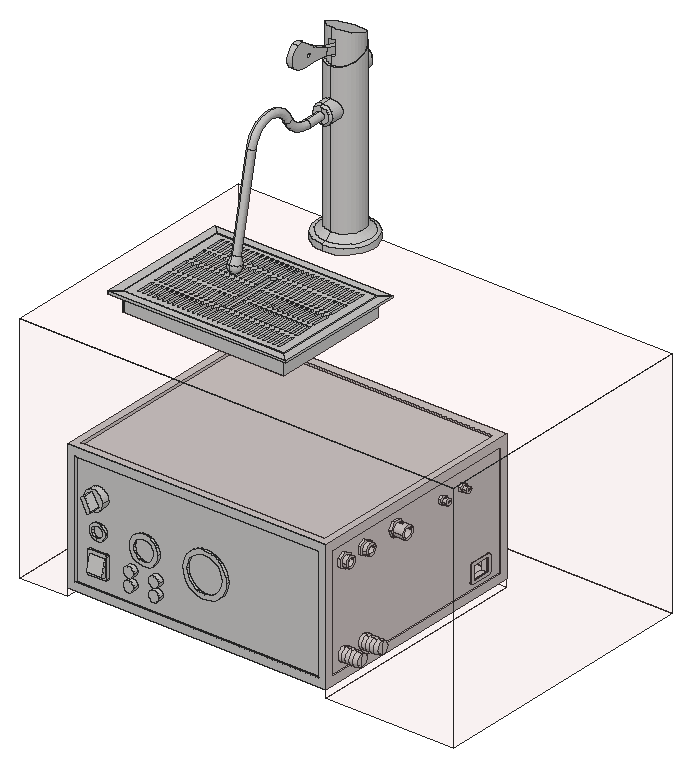
Revit family "1LA-MARZOCCO_MODBAR_STEAM", category Specialty Equipment, host Face, Revit 2017
Family settings
  Host = Face
  Round Connector Dimension = Use Diameter
  Part Type = Normal
  Cut with Voids When Loaded = No
  Shared = No
  Room Calculation Point = Yes
Parameters (values of type "MODBAR_STEAM_1-TAP_220V")
  WATTAGE = 3600 W
  WASTE OUTLET = "Open gravity drain of minimum 1 1/2'' interior diameter within 5 feet of module(s). Drain must be located lower than the bottom-most module in your Modbar system. There should be no less than 1'' per foot downward slope in drain line."
  VOLTAGE = 220 V
  Type Code = 1
  TECHNICAL SHEET = "https://modbar.com/wp-content/uploads/2019/06/modbar-preinstall-specs-steam-v4.2.pdf"
  TAP_2_DISTANCE_REAL [instance] = if(F < (MAX RADIUS TAP MODULE + 1 mm), TAP 2 DISTANCE, (((MODULE Z OFFSET - 180 mm) / (tan(asin((MODULE Z OFFSET - 180 mm) / MAX RADIUS TAP MODULE)))) + MODULE_X_OFFSET_REAL + 220 mm))  # 350 mm
  TAP_2_OFFSET_REAL [instance] = if(G < (MAX RADIUS TAP MODULE + 1 mm), TAP 2 OFFSET, 0 mm)  # 0 mm
  TAP WIDTH = 89 mm
  TAP HEIGHT = 315 mm
  TAP DEPTH = 285 mm
  TAP 2 = Type Code = 2  # no
  Service [instance] = if(TAP 2, MODULE Z OFFSET, 50 mm)  # 50 mm
  URL = "https://it.lamarzocco.com/"
  TAP 2 OFFSET [instance] = 0 mm
  TAP 2 DISTANCE [instance] = 350 mm
  SPECIFICATION BY USER = ""
  SPECIFICATION BY MANUFACTURER = ""
  SMACNA No = ""
  SHOW NOTES [instance] = yes
  SHOW CLEARANCE [instance] = yes
  SERIAL NUMBER = ""
  SEISMIC RATING = ""
  REVISION CODE = ""
  REQUIRED MODULE CLEARANCE = "Min W711 x D457 x H368 mm"
  PRODUCT SHEET = "https://www.archiproducts.com/en/products/modbar/steam-tap-steams_398832"
  PHASE = "1"
  NUMBER OF POLES = 1
  NAFEM SPEC ID NUMBER = ""
  Manufacturer = "LA MARZOCCO"
  MODULE_Y_OFFSET_REAL [instance] = if(D < (MAX RADIUS TAP MODULE + 1 mm), MODULE Y OFFSET, sqrt(B ^ 2 - MODULE_X_OFFSET_REAL ^ 2))  # 0 mm
  MODULE_X_OFFSET_REAL [instance] = if(C < (MAX RADIUS TAP MODULE + 1 mm), MODULE X OFFSET, (MODULE Z OFFSET / (tan(asin(MODULE Z OFFSET / MAX RADIUS TAP MODULE))) - 15 mm))  # 0 mm
  MODULE WIDTH = 432 mm
  Model = "Modbar Steam"
  MODULE Z OFFSET [instance] = 450 mm
  MODULE Y OFFSET [instance] = 0 mm
  MODULE X OFFSET [instance] = 0 mm
  MODULE HEIGHT = 216 mm
  MODULE DEPTH = 381 mm
  MAX RADIUS TAP MODULE [instance] = 500 mm  # constant formula
  MASTERSPEC = ""
  ITEM NUMBER [instance] = ""
  INSTALLED BY = ""
  INDIRECT WASTE SIZE = 3/4"
  IDENTIFY QUANTITY AS LOT = yes
  G [instance] = MODULE Z OFFSET / (sin(atan(MODULE Z OFFSET / (E + 1 mm))))  # 468.68 mm
  F [instance] = (MODULE Z OFFSET - 180 mm) / (sin(atan((MODULE Z OFFSET - 180 mm) / (TAP 2 DISTANCE - MODULE_X_OFFSET_REAL - 220 mm))))  # 299.666 mm
  FURNISHED BY = ""
  FOODSERVICE EQUIPMENT IDENTIFIER = yes
  ELECTRICIAN SPECIFICATIONS = "All modules will be supplied with a NEMA 6-20P plug end on the power cord. Receptacle should be no further than 5 feet from the modules, with the electrician responsible for installation of NEMA 6-20R."
  E [instance] = sqrt((TAP_2_DISTANCE_REAL - MODULE_X_OFFSET_REAL - 220 mm) ^ 2 + (TAP 2 OFFSET - MODULE_Y_OFFSET_REAL) ^ 2)  # 130 mm
  Default Elevation = 1219.2 mm
  Description = "Espresso Machine"
  DRAIN CONNECTION = "Drain connection is two (2) male 3/4\" barb connections. Required 3/4\" armored drain hose (5 feet and tee) is included with your system."
  D [instance] = MODULE Z OFFSET / (sin(atan(MODULE Z OFFSET / (A + 1 mm))))  # 450.001 mm
  CUT HOLE TEMPLATE = "https://modbar.com/wp-content/uploads/2019/01/D.7.004.EN_Template_cutting_MODBAR-NEW-STEAM_V1.1-1-1.pdf"
  CUT HOLE DIMENSION = "190x260 mm (max 195x270 mm) - Tap: Ø38.1 mm (max Ø42 mm)"
  CSI MASTERFORMAT = ""
  COLD WATER SIZE = 0.37402"
  COLD WATER PRESSURE = "Min 3 bar / Max 5 bar"
  COLD WATER FLOW = 8.0 L/min
  C [instance] = MODULE Z OFFSET / (sin(atan(MODULE Z OFFSET / (MODULE X OFFSET + 15 mm))))  # 450.25 mm
  BIM USER MANUAL = "https://img.edilportale.com/bim/LA-MARZOCCO-MODBAR-BIM-USER-MANUAL-Modbar-bim.pdf"
  BIM BADGE = "https://bim.archiproducts.com/en/badge/bim-archiproducts-featured_658700/about"
  BIM AUTHOR = "https://bim.archiproducts.com/"
  B [instance] = if(1 < 2, sqrt(MAX RADIUS TAP MODULE ^ 2 - MODULE Z OFFSET ^ 2), 1 mm)  # 217.945 mm
  AMPERAGE = 20 A
  A [instance] = sqrt(MODULE_X_OFFSET_REAL ^ 2 + MODULE Y OFFSET ^ 2)  # 0 mm
Reference planes
  plane 1 "Center (Front/Back)": y = 0
  plane 2: z = 0
  plane 3 "Center (Left/Right)": x = 0
  plane 4: x = 350
  plane 5: z = -234
  plane 6: z = 166
  plane 7: z = 216
  plane 8: y = -91.96
  plane 9: y = -281.96
  plane 10: x = 480.2
  plane 11: x = 220.2
  plane 12: y = 0
  plane 13: y = 0
  plane 14: y = -291.55
Forms (mm)
  Extrusion 1, void
    sketch origin (-816.609, -230.76, 0) x (1, 0, 0) y (0, 1, 0)
      loop
        line (686.809, 138.8) -> (686.809, -51.2) -> (946.809, -51.2) -> (946.809, 138.8) -> (686.809, 138.8)
    from -234 to 216
  Extrusion 2, void
    sketch origin (-466.609, -230.76, 0) x (1, 0, 0) y (0, 1, 0)
      loop
        line (686.809, 138.8) -> (686.809, -51.2) -> (946.809, -51.2) -> (946.809, 138.8) -> (686.809, 138.8)
    from 166 to 216
  Extrusion 3, void
    sketch origin (0, 0, 0) x (1, 0, 0) y (0, 1, 0)
      loop
        circle (0, 0) r 19.05
    from -234 to 216
  Extrusion 4, void
    sketch origin (350, 0, 0) x (1, 0, 0) y (0, 1, 0)
      loop
        circle (0, 0) r 19.05
    from 166 to 216
  Extrusion 5, void
    sketch origin (0, 0, 0) x (1, 0, 0) y (0, 1, 0)
      loop
        circle (301.612, -235.502) r 37.5
    from -600 to -200.047
Lines and regions (mm)
  symbolic lines, style "QF_Clearances", visible <- "SHOW CLEARANCE"
    curve 1: line (-278.2, -291.55, 0) -> (-278.2, 139.05, 0)
    curve 2: line (-278.2, -291.55, 0) -> (403.2, -291.55, 0)
    curve 3: line (403.2, 139.05, 0) -> (-278.2, 139.05, 0)
    curve 4: line (403.2, -291.55, 0) -> (403.2, 139.05, 0)
Dimensions and locks
  "TAP_2_DISTANCE_REAL": plane 3 "Center (Left/Right)" to plane 4
  "MODULE Z OFFSET": plane 2 to nested 3
  "TAP_2_OFFSET_REAL": nested 2 to plane 1 "Center (Front/Back)"
  locked: plane 7 to plane 2 at 216
  "MODULE Z OFFSET": plane 7 to plane 5
  "Service": plane 7 to plane 6
  locked: plane 9 to plane 8 at 190
  plane 11 to plane 4 to plane 10 = 129.8 mm locked, 130.2 mm locked
  locked: plane 8 to plane 12 at 91.96
  "TAP 2 OFFSET": plane 12 to plane 1 "Center (Front/Back)"
  "TAP 2 OFFSET": plane 1 "Center (Front/Back)" to plane 13
  locked: nested 3 to Extrusion 5 sketch curve at 301.612
  locked: nested 3 to Extrusion 5 sketch curve at 110.322
  locked: nested 3 to Extrusion 5 at 150
  "MODULE_X_OFFSET_REAL": plane 3 "Center (Left/Right)" to nested 3
  locked: plane 14 to plane 1 "Center (Front/Back)" at 291.55
  locked: nested 3 to nested 4 at 300
  locked: Extrusion 5 to nested 3 at 249.953
  "MODULE_Y_OFFSET_REAL": nested 3 to plane 14
  aligned and locked: plane 2 to host face
  aligned and locked: level to host face
  aligned and locked: plane 3 "Center (Left/Right)" to nested 1
  aligned and locked: plane 1 "Center (Front/Back)" to nested 1
  aligned and locked: plane 4 to nested 2
  aligned and locked: plane 7 to Extrusion 1
  aligned and locked: Extrusion 1 to plane 7
  aligned and locked: plane 7 to Extrusion 2
  aligned and locked: Extrusion 2 to plane 6
  aligned and locked: Extrusion 1 to plane 5
  aligned and locked: plane 7 to Extrusion 3
  aligned and locked: plane 7 to Extrusion 4
  aligned and locked: Extrusion 4 to plane 6
  aligned and locked: Extrusion 3 to plane 5
  aligned and locked: plane 13 to Extrusion 4 sketch curve
  aligned and locked: plane 4 to Extrusion 4 sketch curve
  aligned and locked: curve 1 to nested 3
  aligned and locked: nested 3 to curve 2
  aligned and locked: curve 4 to nested 3
  aligned and locked: nested 3 to nested 4
  aligned and locked: curve 3 to nested 3
Automatic sketch dimensions
  Extrusion 1 sketch curve to plane 3 "Center (Left/Right)" = 129.8 mm
  plane 3 "Center (Left/Right)" to Extrusion 1 sketch curve = 130.2 mm
  plane 1 "Center (Front/Back)" to Extrusion 1 sketch curve = 281.96 mm
  plane 1 "Center (Front/Back)" to Extrusion 1 sketch curve = 91.96 mm
  plane 1 "Center (Front/Back)" to Extrusion 3 sketch curve = 0 mm
  Extrusion 3 sketch curve to plane 3 "Center (Left/Right)" = 0 mm
  host sketch curve to host sketch curve = 1000 mm  (x2)
  plane 9 to Extrusion 2 sketch curve = 0 mm
  Extrusion 2 sketch curve to plane 11 = 0 mm
  Extrusion 2 sketch curve to plane 10 = 0 mm
  plane 8 to Extrusion 2 sketch curve = 0 mm
  radius of Extrusion 3 sketch curve = 19.05 mm
  radius of Extrusion 5 sketch curve = 37.5 mm
  radius of Extrusion 4 sketch curve = 19.05 mm
Nested families
  nested 1: "CG_MODBAR_MODBAR STEAM_STEAM SYSTEM" at (-44.45, 44.45, 0), type "CG_MODBAR_MODBAR STEAM_STEAM SYSTEM"
  nested 2: "CG_MODBAR_MODBAR STEAM_STEAM SYSTEM" at (305.55, 44.45, 0), visible <- "TAP 2", type "CG_MODBAR_MODBAR STEAM_STEAM SYSTEM"
  nested 3: "CG_LA MARZOCCO_STEAM SYSTEM BOX 2" at (-203.2, 64.05, -450), Show Clearance <- "SHOW CLEARANCE", type "CG_LA MARZOCCO_STEAM SYSTEM BOX 2"
    with Show Clearance yes
  nested 4: "Note" at (0, 8.45, 0), visible <- "SHOW NOTES", type "Note"
Connectors
  electrical at (200.025, 12.59, -401.13), driven by "NUMBER OF POLES", driven by "VOLTAGE", driven by "WATTAGE"
    settings: on nested 3, index 1, voltage 220 V, apparent load 3600 VA, apparent load phase1 0 VA, apparent load phase2 0 VA, apparent load phase3 0 VA, power factor 1, load classification "Power", number of poles 1, system type 30, power factor state 1, is connector primary yes, connector utility no, sub classification motor no, connector description "Electrical Connection"
  piping at (205.564, -154.247, -270.308), diameter 9.5, driven by "COLD WATER SIZE", driven by "COLD WATER FLOW"
    settings: on nested 3, index 2, connector inside diameter 24", connector length 0 mm, flow factor 0, pipe flow 8.0 L/min, pressure drop 0.0 Pa, fitting loss kfactor 0, connector angle 0.00°, fixture units 0, engagement length 0 mm, angle of deflection 0.00°, flow configuration 1, flow direction 1, fitting loss method 0, system type 20, joint type 0, gender type 0, connector reference index -1, connector utility 0, adjustable connector no, is connector primary yes, connector description "Cold Water Connection"
  piping at (200.025, -255.652, -402.571), diameter 19.05, driven by "INDIRECT WASTE SIZE"
    settings: on nested 3, index 3, connector inside diameter 24", connector length 0 mm, flow factor 0, pipe flow 0.0 L/min, pressure drop 0.0 Pa, fitting loss kfactor 0, connector angle 0.00°, fixture units 0, engagement length 0 mm, angle of deflection 0.00°, flow configuration 1, flow direction 2, fitting loss method 0, system type 16, joint type 0, gender type 0, connector reference index -1, connector utility 0, adjustable connector no, is connector primary no, connector description "Drain Connection"
  piping at (200.025, -215.353, -402.571), diameter 19.05, driven by "INDIRECT WASTE SIZE"
    settings: on nested 3, index 4, connector inside diameter 24", connector length 0 mm, flow factor 0, pipe flow 0.0 L/min, pressure drop 0.0 Pa, fitting loss kfactor 0, connector angle 0.00°, fixture units 0, engagement length 0 mm, angle of deflection 0.00°, flow configuration 1, flow direction 2, fitting loss method 0, system type 16, joint type 0, gender type 0, connector reference index -1, connector utility 0, adjustable connector no, is connector primary no, connector description "Drain Connection"
  piping at (0.2, -186.96, -40.005), diameter 30
    settings: on nested 1, index 5, connector inside diameter 24", connector length 0 mm, flow factor 0, pipe flow 0.0 L/min, pressure drop 0.0 Pa, fitting loss kfactor 0, connector angle 0.00°, fixture units 0, engagement length 0 mm, angle of deflection 0.00°, flow configuration 1, flow direction 2, fitting loss method 0, system type 16, joint type 0, gender type 0, connector reference index -1, connector utility 0, adjustable connector no, is connector primary no, connector description ""
Definition of nested family "CG_MODBAR_MODBAR STEAM_STEAM SYSTEM"
  Parameters (values of type "CG_MODBAR_MODBAR STEAM_STEAM SYSTEM")
    Model = "MODBAR STEAM"
    Manufacturer = "MODBAR"
    Length = 88.9 mm
    Height = 314.96 mm
    Description = "STEAM SYSTEM"
    Depth = 271.78 mm
  Reference planes
    plane 1 "BACK": y = 0
    plane 2: z = 0
    plane 3 "LEFT": x = 0
    plane 4 "RIGHT": x = 88.9
    plane 5 "FRONT": y = -271.78
    plane 6 "TOP": z = 314.96
    plane 7 "Center Y": x = 44.45
    plane 8 "Center X": y = -135.89
    plane 9: z = 307.34
    plane 10: y = -231
    plane 11: y = -44.45
  Forms (mm)
    Revolve 1, solid, detail levels fine
      sketch origin (44.45, 0, 0) x (0, 1, 0) y (0, 0, 1)
        loop
          line (-44.45, 0) -> (-44.45, 278.48) -> (-72.668, 278.48) -> (-72.668, 20.829)
          arc (-72.668, 20.829) -> (-77.566, 15.866) -> (-83.145, 11.681) r 47.034
          arc (-83.145, 11.681) -> (-86.387, 11.121) -> (-88.9, 8.997) r 6.275
          line (-88.9, 8.997) -> (-88.9, 0) -> (-44.45, 0)
        axis (-44.45, 278.48) -> (-44.45, 0)
      angle from 0 to 360
    Extrusion 2, void
      sketch origin (44.45, 0, 0) x (0, 1, 0) y (0, 0, 1)
        loop
          line (-78.74, 250.505) -> (-10.471, 280.9) -> (-10.471, 287.25) -> (-78.74, 287.25) -> (-78.74, 250.505)
      from -39.09 to 39.428
    Revolve 3, solid, detail levels fine
      sketch origin (44.45, 0, 0) x (0, 1, 0) y (0, 0, 1)
        loop
          line (-70.1, 250.352) -> (-44.104, 250.352) -> (-44.104, 308.707) -> (-70.1, 308.707) -> (-70.1, 250.352)
        axis (-44.104, 308.707) -> (-44.104, 250.352)
      angle from 0 to 360
    Extrusion 4, void
      sketch origin (44.45, 0, 0) x (0, 1, 0) y (0, 0, 1)
        loop
          line (-9.934, 281.801) -> (-9.934, 314.96) -> (-76.316, 314.96) -> (-76.316, 309.979) -> (-9.934, 281.801)
      from -35.546 to 35.657
    Revolve 5, solid, detail levels fine
      sketch origin (44.45, 0, 0) x (0, 1, 0) y (0, 0, 1)
        loop
          line (-53.654, 192.708) -> (-53.654, 207.835) -> (-88.232, 207.835) -> (-92.156, 205.087) -> (-92.156, 196.15) -> (-93.972, 196.15) -> (-93.972, 192.708) -> (-53.654, 192.708)
        axis (-93.972, 192.708) -> (-53.654, 192.708)
      angle from 0 to 360
    Sweep 6, solid, detail levels fine
      path origin (44.45, 0, 0) x (0, 1, 0) y (0, 0, 1)
        loop
          line (-93.972, 192.708) -> (-121.383, 192.708)
          arc (-121.383, 192.708) -> (-143.135, 198.989) -> (-158.191, 215.899) r 40.807
          arc (-158.191, 215.899) -> (-197.061, 237.285) -> (-229.826, 207.374) r 38.1
          line (-229.826, 207.374) -> (-258.979, 70.222)
      profile origin (44.45, -107.677, 192.708) x (0, 0, -1) y (1, 0, 0)
        loop
          circle (0, 0) r 5.77
    Revolve 7, solid, detail levels fine
      sketch origin (44.45, 0, 0) x (0, 1, 0) y (0, 0, 1)
        loop
          line (-258.979, 70.222) -> (-264.74, 71.447) -> (-270.653, 60.265)
          arc (-270.653, 60.265) -> (-270.865, 51.604) -> (-264.081, 46.215) r 9.719
          line (-264.081, 46.215) -> (-258.979, 70.222)
        axis (-264.081, 46.215) -> (-258.979, 70.222)
      angle from 0 to 360
    Extrusion 8, void
      sketch origin (0, 0, 0) x (1, 0, 0) y (0, 0, 1)
        loop
          line (38.775, 290.42) -> (38.775, 267.343) -> (49.457, 267.343) -> (49.457, 290.42) -> (38.775, 290.42)
      from 50.696 to 79.675
    Revolve 9, solid, detail levels fine
      sketch origin (44.45, 0, 0) x (0, 1, 0) y (0, 0, 1)
        loop
          line (-28.726, 241.23) -> (-6.239, 241.23) -> (-6.239, 251.683) -> (-12.651, 258.095) -> (-28.726, 258.095) -> (-28.726, 241.23)
        axis (-6.239, 241.23) -> (-28.726, 241.23)
      angle from 0 to 360
    Extrusion 10, solid, detail levels fine
      sketch origin (44.724, 0, 0) x (0, 1, 0) y (0, 0, 1)
        loop
          line (-84.212, 285.838) -> (-86.947, 275.632) -> (-62.412, 269.058) -> (-59.678, 279.264) -> (-84.212, 285.838)
        loop
          arc (-85.684, 286.232) -> (-108.304, 297.904) -> (-129.228, 312.396) r 196.894
          arc (-129.228, 312.396) -> (-135.351, 314.895) -> (-141.859, 313.723) r 11.847
          arc (-141.859, 313.723) -> (-152.505, 301.388) -> (-151.143, 285.15) r 21.029
          arc (-151.143, 285.15) -> (-139.285, 278.478) -> (-125.757, 277.014) r 33.855
          arc (-125.757, 277.014) -> (-107.058, 277.65) -> (-88.419, 276.027) r 154.846
          line (-88.419, 276.027) -> (-85.684, 286.232)
        loop
          circle (-121.948, 291.755) r 3.728
      from -4.572 to 4.024
    Extrusion 11, solid, detail levels fine
      sketch origin (-1070.349, -4698, 3.175) x (-1, 0, 0) y (0, -1, 0)
        loop
          line (-975.299, -4362) -> (-987.999, -4373.88) -> (-987.999, -4559.3) -> (-975.299, -4572) -> (-975.299, -4362)
        loop
          line (-1254.699, -4362) -> (-1254.699, -4572) -> (-1241.999, -4559.3) -> (-1241.999, -4373.88) -> (-1254.699, -4362)
      from 0 to -3.175
    Extrusion 12, solid, detail levels fine
      sketch origin (-1070.349, -4698, 3.175) x (-1, 0, 0) y (0, -1, 0)
        loop
          line (-975.299, -4572) -> (-987.999, -4559.3) -> (-1241.999, -4559.3) -> (-1254.699, -4572) -> (-975.299, -4572)
        loop
          line (-975.299, -4362) -> (-1254.699, -4362) -> (-1241.999, -4373.88) -> (-987.999, -4373.88) -> (-975.299, -4362)
      from 0 to -3.175
    Extrusion 13, solid, detail levels fine
      sketch origin (-1070.349, -4698, 3.175) x (-1, 0, 0) y (0, -1, 0)
        loop
          line (-989.523, -4557.776) -> (-989.523, -4375.404) -> (-1240.475, -4375.404) -> (-1240.475, -4557.776) -> (-989.523, -4557.776)
        loop
          line (-1112.762, -4548.283) -> (-1112.762, -4523.478)
          arc (-1112.762, -4523.478) -> (-1114.999, -4521.241) -> (-1117.236, -4523.478) r 2.237
          line (-1117.236, -4523.478) -> (-1117.236, -4548.283)
          arc (-1117.236, -4548.283) -> (-1114.999, -4550.52) -> (-1112.762, -4548.283) r 2.237
        loop
          line (-1104.894, -4548.283) -> (-1104.894, -4523.478)
          arc (-1104.894, -4523.478) -> (-1107.131, -4521.241) -> (-1109.367, -4523.478) r 2.237
          line (-1109.367, -4523.478) -> (-1109.367, -4548.283)
          arc (-1109.367, -4548.283) -> (-1107.131, -4550.52) -> (-1104.894, -4548.283) r 2.237
        loop
          line (-1097.026, -4548.283) -> (-1097.026, -4523.478)
          arc (-1097.026, -4523.478) -> (-1099.263, -4521.241) -> (-1101.499, -4523.478) r 2.237
          line (-1101.499, -4523.478) -> (-1101.499, -4548.283)
          arc (-1101.499, -4548.283) -> (-1099.263, -4550.52) -> (-1097.026, -4548.283) r 2.237
        loop
          line (-1089.158, -4548.283) -> (-1089.158, -4523.478)
          arc (-1089.158, -4523.478) -> (-1091.394, -4521.241) -> (-1093.631, -4523.478) r 2.237
          line (-1093.631, -4523.478) -> (-1093.631, -4548.283)
          arc (-1093.631, -4548.283) -> (-1091.394, -4550.52) -> (-1089.158, -4548.283) r 2.237
        loop
          line (-1081.29, -4548.283) -> (-1081.29, -4523.478)
          arc (-1081.29, -4523.478) -> (-1083.526, -4521.241) -> (-1085.763, -4523.478) r 2.237
          line (-1085.763, -4523.478) -> (-1085.763, -4548.283)
          arc (-1085.763, -4548.283) -> (-1083.526, -4550.52) -> (-1081.29, -4548.283) r 2.237
        loop
          line (-1073.421, -4548.283) -> (-1073.421, -4523.478)
          arc (-1073.421, -4523.478) -> (-1075.658, -4521.241) -> (-1077.895, -4523.478) r 2.237
          line (-1077.895, -4523.478) -> (-1077.895, -4548.283)
          arc (-1077.895, -4548.283) -> (-1075.658, -4550.52) -> (-1073.421, -4548.283) r 2.237
        loop
          line (-1065.553, -4548.283) -> (-1065.553, -4523.478)
          arc (-1065.553, -4523.478) -> (-1067.79, -4521.241) -> (-1070.027, -4523.478) r 2.237
          line (-1070.027, -4523.478) -> (-1070.027, -4548.283)
          arc (-1070.027, -4548.283) -> (-1067.79, -4550.52) -> (-1065.553, -4548.283) r 2.237
        loop
          line (-1057.685, -4548.283) -> (-1057.685, -4523.478)
          arc (-1057.685, -4523.478) -> (-1059.922, -4521.241) -> (-1062.159, -4523.478) r 2.237
          line (-1062.159, -4523.478) -> (-1062.159, -4548.283)
          arc (-1062.159, -4548.283) -> (-1059.922, -4550.52) -> (-1057.685, -4548.283) r 2.237
        loop
          line (-1049.817, -4548.283) -> (-1049.817, -4523.478)
          arc (-1049.817, -4523.478) -> (-1052.054, -4521.241) -> (-1054.29, -4523.478) r 2.237
          line (-1054.29, -4523.478) -> (-1054.29, -4548.283)
          arc (-1054.29, -4548.283) -> (-1052.054, -4550.52) -> (-1049.817, -4548.283) r 2.237
        loop
          line (-1041.949, -4548.283) -> (-1041.949, -4523.478)
          arc (-1041.949, -4523.478) -> (-1044.186, -4521.241) -> (-1046.422, -4523.478) r 2.237
          line (-1046.422, -4523.478) -> (-1046.422, -4548.283)
          arc (-1046.422, -4548.283) -> (-1044.186, -4550.52) -> (-1041.949, -4548.283) r 2.237
        loop
          line (-1034.081, -4548.283) -> (-1034.081, -4523.478)
          arc (-1034.081, -4523.478) -> (-1036.317, -4521.241) -> (-1038.554, -4523.478) r 2.237
          line (-1038.554, -4523.478) -> (-1038.554, -4548.283)
          arc (-1038.554, -4548.283) -> (-1036.317, -4550.52) -> (-1034.081, -4548.283) r 2.237
        loop
          line (-1026.213, -4548.283) -> (-1026.213, -4523.478)
          arc (-1026.213, -4523.478) -> (-1028.449, -4521.241) -> (-1030.686, -4523.478) r 2.237
          line (-1030.686, -4523.478) -> (-1030.686, -4548.283)
          arc (-1030.686, -4548.283) -> (-1028.449, -4550.52) -> (-1026.213, -4548.283) r 2.237
        loop
          line (-1018.344, -4548.283) -> (-1018.344, -4523.478)
          arc (-1018.344, -4523.478) -> (-1020.581, -4521.241) -> (-1022.818, -4523.478) r 2.237
          line (-1022.818, -4523.478) -> (-1022.818, -4548.283)
          arc (-1022.818, -4548.283) -> (-1020.581, -4550.52) -> (-1018.344, -4548.283) r 2.237
        loop
          line (-1010.476, -4548.283) -> (-1010.476, -4523.478)
          arc (-1010.476, -4523.478) -> (-1012.713, -4521.241) -> (-1014.95, -4523.478) r 2.237
          line (-1014.95, -4523.478) -> (-1014.95, -4548.283)
          arc (-1014.95, -4548.283) -> (-1012.713, -4550.52) -> (-1010.476, -4548.283) r 2.237
        loop
          line (-1002.608, -4548.283) -> (-1002.608, -4523.478)
          arc (-1002.608, -4523.478) -> (-1004.845, -4521.241) -> (-1007.082, -4523.478) r 2.237
          line (-1007.082, -4523.478) -> (-1007.082, -4548.283)
          arc (-1007.082, -4548.283) -> (-1004.845, -4550.52) -> (-1002.608, -4548.283) r 2.237
        loop
          line (-1104.894, -4513.941) -> (-1104.894, -4489.136)
          arc (-1104.894, -4489.136) -> (-1107.131, -4486.899) -> (-1109.367, -4489.136) r 2.237
          line (-1109.367, -4489.136) -> (-1109.367, -4513.941)
          arc (-1109.367, -4513.941) -> (-1107.131, -4516.178) -> (-1104.894, -4513.941) r 2.237
        loop
          line (-1097.026, -4513.941) -> (-1097.026, -4489.136)
          arc (-1097.026, -4489.136) -> (-1099.263, -4486.899) -> (-1101.499, -4489.136) r 2.237
          line (-1101.499, -4489.136) -> (-1101.499, -4513.941)
          arc (-1101.499, -4513.941) -> (-1099.263, -4516.178) -> (-1097.026, -4513.941) r 2.237
        loop
          line (-1089.158, -4513.941) -> (-1089.158, -4489.136)
          arc (-1089.158, -4489.136) -> (-1091.394, -4486.899) -> (-1093.631, -4489.136) r 2.237
          line (-1093.631, -4489.136) -> (-1093.631, -4513.941)
          arc (-1093.631, -4513.941) -> (-1091.394, -4516.178) -> (-1089.158, -4513.941) r 2.237
        loop
          line (-1081.29, -4513.941) -> (-1081.29, -4489.136)
          arc (-1081.29, -4489.136) -> (-1083.526, -4486.899) -> (-1085.763, -4489.136) r 2.237
          line (-1085.763, -4489.136) -> (-1085.763, -4513.941)
          arc (-1085.763, -4513.941) -> (-1083.526, -4516.178) -> (-1081.29, -4513.941) r 2.237
        loop
          line (-1073.421, -4513.941) -> (-1073.421, -4489.136)
          arc (-1073.421, -4489.136) -> (-1075.658, -4486.899) -> (-1077.895, -4489.136) r 2.237
          line (-1077.895, -4489.136) -> (-1077.895, -4513.941)
          arc (-1077.895, -4513.941) -> (-1075.658, -4516.178) -> (-1073.421, -4513.941) r 2.237
        loop
          line (-1065.553, -4513.941) -> (-1065.553, -4489.136)
          arc (-1065.553, -4489.136) -> (-1067.79, -4486.899) -> (-1070.027, -4489.136) r 2.237
          line (-1070.027, -4489.136) -> (-1070.027, -4513.941)
          arc (-1070.027, -4513.941) -> (-1067.79, -4516.178) -> (-1065.553, -4513.941) r 2.237
        loop
          line (-1057.685, -4513.941) -> (-1057.685, -4489.136)
          arc (-1057.685, -4489.136) -> (-1059.922, -4486.899) -> (-1062.159, -4489.136) r 2.237
          line (-1062.159, -4489.136) -> (-1062.159, -4513.941)
          arc (-1062.159, -4513.941) -> (-1059.922, -4516.178) -> (-1057.685, -4513.941) r 2.237
        loop
          line (-1049.817, -4513.941) -> (-1049.817, -4489.136)
          arc (-1049.817, -4489.136) -> (-1052.054, -4486.899) -> (-1054.29, -4489.136) r 2.237
          line (-1054.29, -4489.136) -> (-1054.29, -4513.941)
          arc (-1054.29, -4513.941) -> (-1052.054, -4516.178) -> (-1049.817, -4513.941) r 2.237
        loop
          line (-1041.949, -4513.941) -> (-1041.949, -4489.136)
          arc (-1041.949, -4489.136) -> (-1044.186, -4486.899) -> (-1046.422, -4489.136) r 2.237
          line (-1046.422, -4489.136) -> (-1046.422, -4513.941)
          arc (-1046.422, -4513.941) -> (-1044.186, -4516.178) -> (-1041.949, -4513.941) r 2.237
        loop
          line (-1034.081, -4513.941) -> (-1034.081, -4489.136)
          arc (-1034.081, -4489.136) -> (-1036.317, -4486.899) -> (-1038.554, -4489.136) r 2.237
          line (-1038.554, -4489.136) -> (-1038.554, -4513.941)
          arc (-1038.554, -4513.941) -> (-1036.317, -4516.178) -> (-1034.081, -4513.941) r 2.237
        loop
          line (-1026.213, -4513.941) -> (-1026.213, -4489.136)
          arc (-1026.213, -4489.136) -> (-1028.449, -4486.899) -> (-1030.686, -4489.136) r 2.237
          line (-1030.686, -4489.136) -> (-1030.686, -4513.941)
          arc (-1030.686, -4513.941) -> (-1028.449, -4516.178) -> (-1026.213, -4513.941) r 2.237
        loop
          line (-1018.344, -4513.941) -> (-1018.344, -4489.136)
          arc (-1018.344, -4489.136) -> (-1020.581, -4486.899) -> (-1022.818, -4489.136) r 2.237
          line (-1022.818, -4489.136) -> (-1022.818, -4513.941)
          arc (-1022.818, -4513.941) -> (-1020.581, -4516.178) -> (-1018.344, -4513.941) r 2.237
        loop
          line (-1010.476, -4513.941) -> (-1010.476, -4489.136)
          arc (-1010.476, -4489.136) -> (-1012.713, -4486.899) -> (-1014.95, -4489.136) r 2.237
          line (-1014.95, -4489.136) -> (-1014.95, -4513.941)
          arc (-1014.95, -4513.941) -> (-1012.713, -4516.178) -> (-1010.476, -4513.941) r 2.237
        loop
          line (-1002.608, -4513.941) -> (-1002.608, -4489.136)
          arc (-1002.608, -4489.136) -> (-1004.845, -4486.899) -> (-1007.082, -4489.136) r 2.237
          line (-1007.082, -4489.136) -> (-1007.082, -4513.941)
          arc (-1007.082, -4513.941) -> (-1004.845, -4516.178) -> (-1002.608, -4513.941) r 2.237
        loop
          line (-1104.894, -4479.599) -> (-1104.894, -4454.794)
          arc (-1104.894, -4454.794) -> (-1107.131, -4452.557) -> (-1109.367, -4454.794) r 2.237
          line (-1109.367, -4454.794) -> (-1109.367, -4479.599)
          arc (-1109.367, -4479.599) -> (-1107.131, -4481.836) -> (-1104.894, -4479.599) r 2.237
        loop
          line (-1097.026, -4479.599) -> (-1097.026, -4454.794)
          arc (-1097.026, -4454.794) -> (-1099.263, -4452.557) -> (-1101.499, -4454.794) r 2.237
          line (-1101.499, -4454.794) -> (-1101.499, -4479.599)
          arc (-1101.499, -4479.599) -> (-1099.263, -4481.836) -> (-1097.026, -4479.599) r 2.237
        loop
          line (-1089.158, -4479.599) -> (-1089.158, -4454.794)
          arc (-1089.158, -4454.794) -> (-1091.394, -4452.557) -> (-1093.631, -4454.794) r 2.237
          line (-1093.631, -4454.794) -> (-1093.631, -4479.599)
          arc (-1093.631, -4479.599) -> (-1091.394, -4481.836) -> (-1089.158, -4479.599) r 2.237
        loop
          line (-1073.421, -4479.599) -> (-1073.421, -4454.794)
          arc (-1073.421, -4454.794) -> (-1075.658, -4452.557) -> (-1077.895, -4454.794) r 2.237
          line (-1077.895, -4454.794) -> (-1077.895, -4479.599)
          arc (-1077.895, -4479.599) -> (-1075.658, -4481.836) -> (-1073.421, -4479.599) r 2.237
        loop
          line (-1065.553, -4479.599) -> (-1065.553, -4454.794)
          arc (-1065.553, -4454.794) -> (-1067.79, -4452.557) -> (-1070.027, -4454.794) r 2.237
          line (-1070.027, -4454.794) -> (-1070.027, -4479.599)
          arc (-1070.027, -4479.599) -> (-1067.79, -4481.836) -> (-1065.553, -4479.599) r 2.237
        loop
          line (-1057.685, -4479.599) -> (-1057.685, -4454.794)
          arc (-1057.685, -4454.794) -> (-1059.922, -4452.557) -> (-1062.159, -4454.794) r 2.237
          line (-1062.159, -4454.794) -> (-1062.159, -4479.599)
          arc (-1062.159, -4479.599) -> (-1059.922, -4481.836) -> (-1057.685, -4479.599) r 2.237
        loop
          line (-1049.817, -4479.599) -> (-1049.817, -4454.794)
          arc (-1049.817, -4454.794) -> (-1052.054, -4452.557) -> (-1054.29, -4454.794) r 2.237
          line (-1054.29, -4454.794) -> (-1054.29, -4479.599)
          arc (-1054.29, -4479.599) -> (-1052.054, -4481.836) -> (-1049.817, -4479.599) r 2.237
        loop
          line (-1041.949, -4479.599) -> (-1041.949, -4454.794)
          arc (-1041.949, -4454.794) -> (-1044.186, -4452.557) -> (-1046.422, -4454.794) r 2.237
          line (-1046.422, -4454.794) -> (-1046.422, -4479.599)
          arc (-1046.422, -4479.599) -> (-1044.186, -4481.836) -> (-1041.949, -4479.599) r 2.237
        loop
          line (-1034.081, -4479.599) -> (-1034.081, -4454.794)
          arc (-1034.081, -4454.794) -> (-1036.317, -4452.557) -> (-1038.554, -4454.794) r 2.237
          line (-1038.554, -4454.794) -> (-1038.554, -4479.599)
          arc (-1038.554, -4479.599) -> (-1036.317, -4481.836) -> (-1034.081, -4479.599) r 2.237
        loop
          line (-1026.213, -4479.599) -> (-1026.213, -4454.794)
          arc (-1026.213, -4454.794) -> (-1028.449, -4452.557) -> (-1030.686, -4454.794) r 2.237
          line (-1030.686, -4454.794) -> (-1030.686, -4479.599)
          arc (-1030.686, -4479.599) -> (-1028.449, -4481.836) -> (-1026.213, -4479.599) r 2.237
        loop
          line (-1018.344, -4479.599) -> (-1018.344, -4454.794)
          arc (-1018.344, -4454.794) -> (-1020.581, -4452.557) -> (-1022.818, -4454.794) r 2.237
          line (-1022.818, -4454.794) -> (-1022.818, -4479.599)
          arc (-1022.818, -4479.599) -> (-1020.581, -4481.836) -> (-1018.344, -4479.599) r 2.237
        loop
          line (-1010.476, -4479.599) -> (-1010.476, -4454.794)
          arc (-1010.476, -4454.794) -> (-1012.713, -4452.557) -> (-1014.95, -4454.794) r 2.237
          line (-1014.95, -4454.794) -> (-1014.95, -4479.599)
          arc (-1014.95, -4479.599) -> (-1012.713, -4481.836) -> (-1010.476, -4479.599) r 2.237
        loop
          line (-1002.608, -4479.599) -> (-1002.608, -4454.794)
          arc (-1002.608, -4454.794) -> (-1004.845, -4452.557) -> (-1007.082, -4454.794) r 2.237
          line (-1007.082, -4454.794) -> (-1007.082, -4479.599)
          arc (-1007.082, -4479.599) -> (-1004.845, -4481.836) -> (-1002.608, -4479.599) r 2.237
        loop
          line (-1104.894, -4445.257) -> (-1104.894, -4420.452)
          arc (-1104.894, -4420.452) -> (-1107.131, -4418.215) -> (-1109.367, -4420.452) r 2.237
          line (-1109.367, -4420.452) -> (-1109.367, -4445.257)
          arc (-1109.367, -4445.257) -> (-1107.131, -4447.494) -> (-1104.894, -4445.257) r 2.237
        loop
          line (-1097.026, -4445.257) -> (-1097.026, -4420.452)
          arc (-1097.026, -4420.452) -> (-1099.263, -4418.215) -> (-1101.499, -4420.452) r 2.237
          line (-1101.499, -4420.452) -> (-1101.499, -4445.257)
          arc (-1101.499, -4445.257) -> (-1099.263, -4447.494) -> (-1097.026, -4445.257) r 2.237
        loop
          line (-1089.158, -4445.257) -> (-1089.158, -4420.452)
          arc (-1089.158, -4420.452) -> (-1091.394, -4418.215) -> (-1093.631, -4420.452) r 2.237
          line (-1093.631, -4420.452) -> (-1093.631, -4445.257)
          arc (-1093.631, -4445.257) -> (-1091.394, -4447.494) -> (-1089.158, -4445.257) r 2.237
        loop
          line (-1081.29, -4445.257) -> (-1081.29, -4420.452)
          arc (-1081.29, -4420.452) -> (-1083.526, -4418.215) -> (-1085.763, -4420.452) r 2.237
          line (-1085.763, -4420.452) -> (-1085.763, -4445.257)
          arc (-1085.763, -4445.257) -> (-1083.526, -4447.494) -> (-1081.29, -4445.257) r 2.237
        loop
          line (-1073.421, -4445.257) -> (-1073.421, -4420.452)
          arc (-1073.421, -4420.452) -> (-1075.658, -4418.215) -> (-1077.895, -4420.452) r 2.237
          line (-1077.895, -4420.452) -> (-1077.895, -4445.257)
          arc (-1077.895, -4445.257) -> (-1075.658, -4447.494) -> (-1073.421, -4445.257) r 2.237
        loop
          line (-1065.553, -4445.257) -> (-1065.553, -4420.452)
          arc (-1065.553, -4420.452) -> (-1067.79, -4418.215) -> (-1070.027, -4420.452) r 2.237
          line (-1070.027, -4420.452) -> (-1070.027, -4445.257)
          arc (-1070.027, -4445.257) -> (-1067.79, -4447.494) -> (-1065.553, -4445.257) r 2.237
        loop
          line (-1057.685, -4445.257) -> (-1057.685, -4420.452)
          arc (-1057.685, -4420.452) -> (-1059.922, -4418.215) -> (-1062.159, -4420.452) r 2.237
          line (-1062.159, -4420.452) -> (-1062.159, -4445.257)
          arc (-1062.159, -4445.257) -> (-1059.922, -4447.494) -> (-1057.685, -4445.257) r 2.237
        loop
          line (-1049.817, -4445.257) -> (-1049.817, -4420.452)
          arc (-1049.817, -4420.452) -> (-1052.054, -4418.215) -> (-1054.29, -4420.452) r 2.237
          line (-1054.29, -4420.452) -> (-1054.29, -4445.257)
          arc (-1054.29, -4445.257) -> (-1052.054, -4447.494) -> (-1049.817, -4445.257) r 2.237
        loop
          line (-1041.949, -4445.257) -> (-1041.949, -4420.452)
          arc (-1041.949, -4420.452) -> (-1044.186, -4418.215) -> (-1046.422, -4420.452) r 2.237
          line (-1046.422, -4420.452) -> (-1046.422, -4445.257)
          arc (-1046.422, -4445.257) -> (-1044.186, -4447.494) -> (-1041.949, -4445.257) r 2.237
        loop
          line (-1034.081, -4445.257) -> (-1034.081, -4420.452)
          arc (-1034.081, -4420.452) -> (-1036.317, -4418.215) -> (-1038.554, -4420.452) r 2.237
          line (-1038.554, -4420.452) -> (-1038.554, -4445.257)
          arc (-1038.554, -4445.257) -> (-1036.317, -4447.494) -> (-1034.081, -4445.257) r 2.237
        loop
          line (-1026.213, -4445.257) -> (-1026.213, -4420.452)
          arc (-1026.213, -4420.452) -> (-1028.449, -4418.215) -> (-1030.686, -4420.452) r 2.237
          line (-1030.686, -4420.452) -> (-1030.686, -4445.257)
          arc (-1030.686, -4445.257) -> (-1028.449, -4447.494) -> (-1026.213, -4445.257) r 2.237
        loop
          line (-1018.344, -4445.257) -> (-1018.344, -4420.452)
          arc (-1018.344, -4420.452) -> (-1020.581, -4418.215) -> (-1022.818, -4420.452) r 2.237
          line (-1022.818, -4420.452) -> (-1022.818, -4445.257)
          arc (-1022.818, -4445.257) -> (-1020.581, -4447.494) -> (-1018.344, -4445.257) r 2.237
        loop
          line (-1010.476, -4445.257) -> (-1010.476, -4420.452)
          arc (-1010.476, -4420.452) -> (-1012.713, -4418.215) -> (-1014.95, -4420.452) r 2.237
          line (-1014.95, -4420.452) -> (-1014.95, -4445.257)
          arc (-1014.95, -4445.257) -> (-1012.713, -4447.494) -> (-1010.476, -4445.257) r 2.237
        loop
          line (-1002.608, -4445.257) -> (-1002.608, -4420.452)
          arc (-1002.608, -4420.452) -> (-1004.845, -4418.215) -> (-1007.082, -4420.452) r 2.237
          line (-1007.082, -4420.452) -> (-1007.082, -4445.257)
          arc (-1007.082, -4445.257) -> (-1004.845, -4447.494) -> (-1002.608, -4445.257) r 2.237
        loop
          line (-1104.894, -4410.915) -> (-1104.894, -4386.11)
          arc (-1104.894, -4386.11) -> (-1107.131, -4383.873) -> (-1109.367, -4386.11) r 2.237
          line (-1109.367, -4386.11) -> (-1109.367, -4410.915)
          arc (-1109.367, -4410.915) -> (-1107.131, -4413.152) -> (-1104.894, -4410.915) r 2.237
        loop
          line (-1097.026, -4410.915) -> (-1097.026, -4386.11)
          arc (-1097.026, -4386.11) -> (-1099.263, -4383.873) -> (-1101.499, -4386.11) r 2.237
          line (-1101.499, -4386.11) -> (-1101.499, -4410.915)
          arc (-1101.499, -4410.915) -> (-1099.263, -4413.152) -> (-1097.026, -4410.915) r 2.237
        loop
          line (-1089.158, -4410.915) -> (-1089.158, -4386.11)
          arc (-1089.158, -4386.11) -> (-1091.394, -4383.873) -> (-1093.631, -4386.11) r 2.237
          line (-1093.631, -4386.11) -> (-1093.631, -4410.915)
          arc (-1093.631, -4410.915) -> (-1091.394, -4413.152) -> (-1089.158, -4410.915) r 2.237
        loop
          line (-1081.29, -4410.915) -> (-1081.29, -4386.11)
          arc (-1081.29, -4386.11) -> (-1083.526, -4383.873) -> (-1085.763, -4386.11) r 2.237
          line (-1085.763, -4386.11) -> (-1085.763, -4410.915)
          arc (-1085.763, -4410.915) -> (-1083.526, -4413.152) -> (-1081.29, -4410.915) r 2.237
        loop
          line (-1073.421, -4410.915) -> (-1073.421, -4386.11)
          arc (-1073.421, -4386.11) -> (-1075.658, -4383.873) -> (-1077.895, -4386.11) r 2.237
          line (-1077.895, -4386.11) -> (-1077.895, -4410.915)
          arc (-1077.895, -4410.915) -> (-1075.658, -4413.152) -> (-1073.421, -4410.915) r 2.237
        loop
          line (-1065.553, -4410.915) -> (-1065.553, -4386.11)
          arc (-1065.553, -4386.11) -> (-1067.79, -4383.873) -> (-1070.027, -4386.11) r 2.237
          line (-1070.027, -4386.11) -> (-1070.027, -4410.915)
          arc (-1070.027, -4410.915) -> (-1067.79, -4413.152) -> (-1065.553, -4410.915) r 2.237
        loop
          line (-1057.685, -4410.915) -> (-1057.685, -4386.11)
          arc (-1057.685, -4386.11) -> (-1059.922, -4383.873) -> (-1062.159, -4386.11) r 2.237
          line (-1062.159, -4386.11) -> (-1062.159, -4410.915)
          arc (-1062.159, -4410.915) -> (-1059.922, -4413.152) -> (-1057.685, -4410.915) r 2.237
        loop
          line (-1049.817, -4410.915) -> (-1049.817, -4386.11)
          arc (-1049.817, -4386.11) -> (-1052.054, -4383.873) -> (-1054.29, -4386.11) r 2.237
          line (-1054.29, -4386.11) -> (-1054.29, -4410.915)
          arc (-1054.29, -4410.915) -> (-1052.054, -4413.152) -> (-1049.817, -4410.915) r 2.237
        loop
          line (-1041.949, -4410.915) -> (-1041.949, -4386.11)
          arc (-1041.949, -4386.11) -> (-1044.186, -4383.873) -> (-1046.422, -4386.11) r 2.237
          line (-1046.422, -4386.11) -> (-1046.422, -4410.915)
          arc (-1046.422, -4410.915) -> (-1044.186, -4413.152) -> (-1041.949, -4410.915) r 2.237
        loop
          line (-1034.081, -4410.915) -> (-1034.081, -4386.11)
          arc (-1034.081, -4386.11) -> (-1036.317, -4383.873) -> (-1038.554, -4386.11) r 2.237
          line (-1038.554, -4386.11) -> (-1038.554, -4410.915)
          arc (-1038.554, -4410.915) -> (-1036.317, -4413.152) -> (-1034.081, -4410.915) r 2.237
        loop
          line (-1026.213, -4410.915) -> (-1026.213, -4386.11)
          arc (-1026.213, -4386.11) -> (-1028.449, -4383.873) -> (-1030.686, -4386.11) r 2.237
          line (-1030.686, -4386.11) -> (-1030.686, -4410.915)
          arc (-1030.686, -4410.915) -> (-1028.449, -4413.152) -> (-1026.213, -4410.915) r 2.237
        loop
          line (-1018.344, -4410.915) -> (-1018.344, -4386.11)
          arc (-1018.344, -4386.11) -> (-1020.581, -4383.873) -> (-1022.818, -4386.11) r 2.237
          line (-1022.818, -4386.11) -> (-1022.818, -4410.915)
          arc (-1022.818, -4410.915) -> (-1020.581, -4413.152) -> (-1018.344, -4410.915) r 2.237
        loop
          line (-1010.476, -4410.915) -> (-1010.476, -4386.11)
          arc (-1010.476, -4386.11) -> (-1012.713, -4383.873) -> (-1014.95, -4386.11) r 2.237
          line (-1014.95, -4386.11) -> (-1014.95, -4410.915)
          arc (-1014.95, -4410.915) -> (-1012.713, -4413.152) -> (-1010.476, -4410.915) r 2.237
        loop
          line (-1002.608, -4410.915) -> (-1002.608, -4386.11)
          arc (-1002.608, -4386.11) -> (-1004.845, -4383.873) -> (-1007.082, -4386.11) r 2.237
          line (-1007.082, -4386.11) -> (-1007.082, -4410.915)
          arc (-1007.082, -4410.915) -> (-1004.845, -4413.152) -> (-1002.608, -4410.915) r 2.237
        loop
          line (-1112.762, -4410.915) -> (-1112.762, -4386.11)
          arc (-1112.762, -4386.11) -> (-1114.999, -4383.873) -> (-1117.236, -4386.11) r 2.237
          line (-1117.236, -4386.11) -> (-1117.236, -4410.915)
          arc (-1117.236, -4410.915) -> (-1114.999, -4413.152) -> (-1112.762, -4410.915) r 2.237
        loop
          arc (-1125.104, -4548.283) -> (-1122.867, -4550.52) -> (-1120.63, -4548.283) r 2.237
          line (-1120.63, -4548.283) -> (-1120.63, -4523.478)
          arc (-1120.63, -4523.478) -> (-1122.867, -4521.241) -> (-1125.104, -4523.478) r 2.237
          line (-1125.104, -4523.478) -> (-1125.104, -4548.283)
        loop
          arc (-1132.972, -4548.283) -> (-1130.735, -4550.52) -> (-1128.498, -4548.283) r 2.237
          line (-1128.498, -4548.283) -> (-1128.498, -4523.478)
          arc (-1128.498, -4523.478) -> (-1130.735, -4521.241) -> (-1132.972, -4523.478) r 2.237
          line (-1132.972, -4523.478) -> (-1132.972, -4548.283)
        loop
          arc (-1140.84, -4548.283) -> (-1138.603, -4550.52) -> (-1136.367, -4548.283) r 2.237
          line (-1136.367, -4548.283) -> (-1136.367, -4523.478)
          arc (-1136.367, -4523.478) -> (-1138.603, -4521.241) -> (-1140.84, -4523.478) r 2.237
          line (-1140.84, -4523.478) -> (-1140.84, -4548.283)
        loop
          arc (-1148.708, -4548.283) -> (-1146.471, -4550.52) -> (-1144.235, -4548.283) r 2.237
          line (-1144.235, -4548.283) -> (-1144.235, -4523.478)
          arc (-1144.235, -4523.478) -> (-1146.471, -4521.241) -> (-1148.708, -4523.478) r 2.237
          line (-1148.708, -4523.478) -> (-1148.708, -4548.283)
        loop
          arc (-1156.576, -4548.283) -> (-1154.34, -4550.52) -> (-1152.103, -4548.283) r 2.237
          line (-1152.103, -4548.283) -> (-1152.103, -4523.478)
          arc (-1152.103, -4523.478) -> (-1154.34, -4521.241) -> (-1156.576, -4523.478) r 2.237
          line (-1156.576, -4523.478) -> (-1156.576, -4548.283)
        loop
          arc (-1164.444, -4548.283) -> (-1162.208, -4550.52) -> (-1159.971, -4548.283) r 2.237
          line (-1159.971, -4548.283) -> (-1159.971, -4523.478)
          arc (-1159.971, -4523.478) -> (-1162.208, -4521.241) -> (-1164.444, -4523.478) r 2.237
          line (-1164.444, -4523.478) -> (-1164.444, -4548.283)
        loop
          arc (-1172.313, -4548.283) -> (-1170.076, -4550.52) -> (-1167.839, -4548.283) r 2.237
          line (-1167.839, -4548.283) -> (-1167.839, -4523.478)
          arc (-1167.839, -4523.478) -> (-1170.076, -4521.241) -> (-1172.313, -4523.478) r 2.237
          line (-1172.313, -4523.478) -> (-1172.313, -4548.283)
        loop
          arc (-1180.181, -4548.283) -> (-1177.944, -4550.52) -> (-1175.707, -4548.283) r 2.237
          line (-1175.707, -4548.283) -> (-1175.707, -4523.478)
          arc (-1175.707, -4523.478) -> (-1177.944, -4521.241) -> (-1180.181, -4523.478) r 2.237
          line (-1180.181, -4523.478) -> (-1180.181, -4548.283)
        loop
          arc (-1188.049, -4548.283) -> (-1185.812, -4550.52) -> (-1183.575, -4548.283) r 2.237
          line (-1183.575, -4548.283) -> (-1183.575, -4523.478)
          arc (-1183.575, -4523.478) -> (-1185.812, -4521.241) -> (-1188.049, -4523.478) r 2.237
          line (-1188.049, -4523.478) -> (-1188.049, -4548.283)
        loop
          arc (-1195.917, -4548.283) -> (-1193.68, -4550.52) -> (-1191.444, -4548.283) r 2.237
          line (-1191.444, -4548.283) -> (-1191.444, -4523.478)
          arc (-1191.444, -4523.478) -> (-1193.68, -4521.241) -> (-1195.917, -4523.478) r 2.237
          line (-1195.917, -4523.478) -> (-1195.917, -4548.283)
        loop
          arc (-1203.785, -4548.283) -> (-1201.548, -4550.52) -> (-1199.312, -4548.283) r 2.237
          line (-1199.312, -4548.283) -> (-1199.312, -4523.478)
          arc (-1199.312, -4523.478) -> (-1201.548, -4521.241) -> (-1203.785, -4523.478) r 2.237
          line (-1203.785, -4523.478) -> (-1203.785, -4548.283)
        loop
          arc (-1211.653, -4548.283) -> (-1209.417, -4550.52) -> (-1207.18, -4548.283) r 2.237
          line (-1207.18, -4548.283) -> (-1207.18, -4523.478)
          arc (-1207.18, -4523.478) -> (-1209.417, -4521.241) -> (-1211.653, -4523.478) r 2.237
          line (-1211.653, -4523.478) -> (-1211.653, -4548.283)
        loop
          arc (-1219.521, -4548.283) -> (-1217.285, -4550.52) -> (-1215.048, -4548.283) r 2.237
          line (-1215.048, -4548.283) -> (-1215.048, -4523.478)
          arc (-1215.048, -4523.478) -> (-1217.285, -4521.241) -> (-1219.521, -4523.478) r 2.237
          line (-1219.521, -4523.478) -> (-1219.521, -4548.283)
        loop
          arc (-1227.39, -4548.283) -> (-1225.153, -4550.52) -> (-1222.916, -4548.283) r 2.237
          line (-1222.916, -4548.283) -> (-1222.916, -4523.478)
          arc (-1222.916, -4523.478) -> (-1225.153, -4521.241) -> (-1227.39, -4523.478) r 2.237
          line (-1227.39, -4523.478) -> (-1227.39, -4548.283)
        loop
          arc (-1125.104, -4513.941) -> (-1122.867, -4516.178) -> (-1120.63, -4513.941) r 2.237
          line (-1120.63, -4513.941) -> (-1120.63, -4489.136)
          arc (-1120.63, -4489.136) -> (-1122.867, -4486.899) -> (-1125.104, -4489.136) r 2.237
          line (-1125.104, -4489.136) -> (-1125.104, -4513.941)
        loop
          arc (-1132.972, -4513.941) -> (-1130.735, -4516.178) -> (-1128.498, -4513.941) r 2.237
          line (-1128.498, -4513.941) -> (-1128.498, -4489.136)
          arc (-1128.498, -4489.136) -> (-1130.735, -4486.899) -> (-1132.972, -4489.136) r 2.237
          line (-1132.972, -4489.136) -> (-1132.972, -4513.941)
        loop
          arc (-1140.84, -4513.941) -> (-1138.603, -4516.178) -> (-1136.367, -4513.941) r 2.237
          line (-1136.367, -4513.941) -> (-1136.367, -4489.136)
          arc (-1136.367, -4489.136) -> (-1138.603, -4486.899) -> (-1140.84, -4489.136) r 2.237
          line (-1140.84, -4489.136) -> (-1140.84, -4513.941)
        loop
          arc (-1148.708, -4513.941) -> (-1146.471, -4516.178) -> (-1144.235, -4513.941) r 2.237
          line (-1144.235, -4513.941) -> (-1144.235, -4489.136)
          arc (-1144.235, -4489.136) -> (-1146.471, -4486.899) -> (-1148.708, -4489.136) r 2.237
          line (-1148.708, -4489.136) -> (-1148.708, -4513.941)
        loop
          arc (-1156.576, -4513.941) -> (-1154.34, -4516.178) -> (-1152.103, -4513.941) r 2.237
          line (-1152.103, -4513.941) -> (-1152.103, -4489.136)
          arc (-1152.103, -4489.136) -> (-1154.34, -4486.899) -> (-1156.576, -4489.136) r 2.237
          line (-1156.576, -4489.136) -> (-1156.576, -4513.941)
        loop
          arc (-1164.444, -4513.941) -> (-1162.208, -4516.178) -> (-1159.971, -4513.941) r 2.237
          line (-1159.971, -4513.941) -> (-1159.971, -4489.136)
          arc (-1159.971, -4489.136) -> (-1162.208, -4486.899) -> (-1164.444, -4489.136) r 2.237
          line (-1164.444, -4489.136) -> (-1164.444, -4513.941)
        loop
          arc (-1172.313, -4513.941) -> (-1170.076, -4516.178) -> (-1167.839, -4513.941) r 2.237
          line (-1167.839, -4513.941) -> (-1167.839, -4489.136)
          arc (-1167.839, -4489.136) -> (-1170.076, -4486.899) -> (-1172.313, -4489.136) r 2.237
          line (-1172.313, -4489.136) -> (-1172.313, -4513.941)
        loop
          arc (-1180.181, -4513.941) -> (-1177.944, -4516.178) -> (-1175.707, -4513.941) r 2.237
          line (-1175.707, -4513.941) -> (-1175.707, -4489.136)
          arc (-1175.707, -4489.136) -> (-1177.944, -4486.899) -> (-1180.181, -4489.136) r 2.237
          line (-1180.181, -4489.136) -> (-1180.181, -4513.941)
        loop
          arc (-1188.049, -4513.941) -> (-1185.812, -4516.178) -> (-1183.575, -4513.941) r 2.237
          line (-1183.575, -4513.941) -> (-1183.575, -4489.136)
          arc (-1183.575, -4489.136) -> (-1185.812, -4486.899) -> (-1188.049, -4489.136) r 2.237
          line (-1188.049, -4489.136) -> (-1188.049, -4513.941)
        loop
          arc (-1195.917, -4513.941) -> (-1193.68, -4516.178) -> (-1191.444, -4513.941) r 2.237
          line (-1191.444, -4513.941) -> (-1191.444, -4489.136)
          arc (-1191.444, -4489.136) -> (-1193.68, -4486.899) -> (-1195.917, -4489.136) r 2.237
          line (-1195.917, -4489.136) -> (-1195.917, -4513.941)
        loop
          arc (-1203.785, -4513.941) -> (-1201.548, -4516.178) -> (-1199.312, -4513.941) r 2.237
          line (-1199.312, -4513.941) -> (-1199.312, -4489.136)
          arc (-1199.312, -4489.136) -> (-1201.548, -4486.899) -> (-1203.785, -4489.136) r 2.237
          line (-1203.785, -4489.136) -> (-1203.785, -4513.941)
        loop
          arc (-1211.653, -4513.941) -> (-1209.417, -4516.178) -> (-1207.18, -4513.941) r 2.237
          line (-1207.18, -4513.941) -> (-1207.18, -4489.136)
          arc (-1207.18, -4489.136) -> (-1209.417, -4486.899) -> (-1211.653, -4489.136) r 2.237
          line (-1211.653, -4489.136) -> (-1211.653, -4513.941)
        loop
          arc (-1219.521, -4513.941) -> (-1217.285, -4516.178) -> (-1215.048, -4513.941) r 2.237
          line (-1215.048, -4513.941) -> (-1215.048, -4489.136)
          arc (-1215.048, -4489.136) -> (-1217.285, -4486.899) -> (-1219.521, -4489.136) r 2.237
          line (-1219.521, -4489.136) -> (-1219.521, -4513.941)
        loop
          arc (-1227.39, -4513.941) -> (-1225.153, -4516.178) -> (-1222.916, -4513.941) r 2.237
          line (-1222.916, -4513.941) -> (-1222.916, -4489.136)
          arc (-1222.916, -4489.136) -> (-1225.153, -4486.899) -> (-1227.39, -4489.136) r 2.237
          line (-1227.39, -4489.136) -> (-1227.39, -4513.941)
        loop
          arc (-1125.104, -4445.257) -> (-1122.867, -4447.494) -> (-1120.63, -4445.257) r 2.237
          line (-1120.63, -4445.257) -> (-1120.63, -4420.452)
          arc (-1120.63, -4420.452) -> (-1122.867, -4418.215) -> (-1125.104, -4420.452) r 2.237
          line (-1125.104, -4420.452) -> (-1125.104, -4445.257)
        loop
          arc (-1132.972, -4445.257) -> (-1130.735, -4447.494) -> (-1128.498, -4445.257) r 2.237
          line (-1128.498, -4445.257) -> (-1128.498, -4420.452)
          arc (-1128.498, -4420.452) -> (-1130.735, -4418.215) -> (-1132.972, -4420.452) r 2.237
          line (-1132.972, -4420.452) -> (-1132.972, -4445.257)
        loop
          arc (-1140.84, -4445.257) -> (-1138.603, -4447.494) -> (-1136.367, -4445.257) r 2.237
          line (-1136.367, -4445.257) -> (-1136.367, -4420.452)
          arc (-1136.367, -4420.452) -> (-1138.603, -4418.215) -> (-1140.84, -4420.452) r 2.237
          line (-1140.84, -4420.452) -> (-1140.84, -4445.257)
        loop
          arc (-1148.708, -4445.257) -> (-1146.471, -4447.494) -> (-1144.235, -4445.257) r 2.237
          line (-1144.235, -4445.257) -> (-1144.235, -4420.452)
          arc (-1144.235, -4420.452) -> (-1146.471, -4418.215) -> (-1148.708, -4420.452) r 2.237
          line (-1148.708, -4420.452) -> (-1148.708, -4445.257)
        loop
          arc (-1156.576, -4445.257) -> (-1154.34, -4447.494) -> (-1152.103, -4445.257) r 2.237
          line (-1152.103, -4445.257) -> (-1152.103, -4420.452)
          arc (-1152.103, -4420.452) -> (-1154.34, -4418.215) -> (-1156.576, -4420.452) r 2.237
          line (-1156.576, -4420.452) -> (-1156.576, -4445.257)
        loop
          arc (-1164.444, -4445.257) -> (-1162.208, -4447.494) -> (-1159.971, -4445.257) r 2.237
          line (-1159.971, -4445.257) -> (-1159.971, -4420.452)
          arc (-1159.971, -4420.452) -> (-1162.208, -4418.215) -> (-1164.444, -4420.452) r 2.237
          line (-1164.444, -4420.452) -> (-1164.444, -4445.257)
        loop
          arc (-1172.313, -4445.257) -> (-1170.076, -4447.494) -> (-1167.839, -4445.257) r 2.237
          line (-1167.839, -4445.257) -> (-1167.839, -4420.452)
          arc (-1167.839, -4420.452) -> (-1170.076, -4418.215) -> (-1172.313, -4420.452) r 2.237
          line (-1172.313, -4420.452) -> (-1172.313, -4445.257)
        loop
          arc (-1180.181, -4445.257) -> (-1177.944, -4447.494) -> (-1175.707, -4445.257) r 2.237
          line (-1175.707, -4445.257) -> (-1175.707, -4420.452)
          arc (-1175.707, -4420.452) -> (-1177.944, -4418.215) -> (-1180.181, -4420.452) r 2.237
          line (-1180.181, -4420.452) -> (-1180.181, -4445.257)
        loop
          arc (-1188.049, -4445.257) -> (-1185.812, -4447.494) -> (-1183.575, -4445.257) r 2.237
          line (-1183.575, -4445.257) -> (-1183.575, -4420.452)
          arc (-1183.575, -4420.452) -> (-1185.812, -4418.215) -> (-1188.049, -4420.452) r 2.237
          line (-1188.049, -4420.452) -> (-1188.049, -4445.257)
        loop
          arc (-1195.917, -4445.257) -> (-1193.68, -4447.494) -> (-1191.444, -4445.257) r 2.237
          line (-1191.444, -4445.257) -> (-1191.444, -4420.452)
          arc (-1191.444, -4420.452) -> (-1193.68, -4418.215) -> (-1195.917, -4420.452) r 2.237
          line (-1195.917, -4420.452) -> (-1195.917, -4445.257)
        loop
          arc (-1203.785, -4445.257) -> (-1201.548, -4447.494) -> (-1199.312, -4445.257) r 2.237
          line (-1199.312, -4445.257) -> (-1199.312, -4420.452)
          arc (-1199.312, -4420.452) -> (-1201.548, -4418.215) -> (-1203.785, -4420.452) r 2.237
          line (-1203.785, -4420.452) -> (-1203.785, -4445.257)
        loop
          arc (-1211.653, -4445.257) -> (-1209.417, -4447.494) -> (-1207.18, -4445.257) r 2.237
          line (-1207.18, -4445.257) -> (-1207.18, -4420.452)
          arc (-1207.18, -4420.452) -> (-1209.417, -4418.215) -> (-1211.653, -4420.452) r 2.237
          line (-1211.653, -4420.452) -> (-1211.653, -4445.257)
        loop
          arc (-1219.521, -4445.257) -> (-1217.285, -4447.494) -> (-1215.048, -4445.257) r 2.237
          line (-1215.048, -4445.257) -> (-1215.048, -4420.452)
          arc (-1215.048, -4420.452) -> (-1217.285, -4418.215) -> (-1219.521, -4420.452) r 2.237
          line (-1219.521, -4420.452) -> (-1219.521, -4445.257)
        loop
          arc (-1227.39, -4445.257) -> (-1225.153, -4447.494) -> (-1222.916, -4445.257) r 2.237
          line (-1222.916, -4445.257) -> (-1222.916, -4420.452)
          arc (-1222.916, -4420.452) -> (-1225.153, -4418.215) -> (-1227.39, -4420.452) r 2.237
          line (-1227.39, -4420.452) -> (-1227.39, -4445.257)
        loop
          arc (-1125.104, -4410.915) -> (-1122.867, -4413.152) -> (-1120.63, -4410.915) r 2.237
          line (-1120.63, -4410.915) -> (-1120.63, -4386.11)
          arc (-1120.63, -4386.11) -> (-1122.867, -4383.873) -> (-1125.104, -4386.11) r 2.237
          line (-1125.104, -4386.11) -> (-1125.104, -4410.915)
        loop
          arc (-1132.972, -4410.915) -> (-1130.735, -4413.152) -> (-1128.498, -4410.915) r 2.237
          line (-1128.498, -4410.915) -> (-1128.498, -4386.11)
          arc (-1128.498, -4386.11) -> (-1130.735, -4383.873) -> (-1132.972, -4386.11) r 2.237
          line (-1132.972, -4386.11) -> (-1132.972, -4410.915)
        loop
          arc (-1140.84, -4410.915) -> (-1138.603, -4413.152) -> (-1136.367, -4410.915) r 2.237
          line (-1136.367, -4410.915) -> (-1136.367, -4386.11)
          arc (-1136.367, -4386.11) -> (-1138.603, -4383.873) -> (-1140.84, -4386.11) r 2.237
          line (-1140.84, -4386.11) -> (-1140.84, -4410.915)
        loop
          arc (-1148.708, -4410.915) -> (-1146.471, -4413.152) -> (-1144.235, -4410.915) r 2.237
          line (-1144.235, -4410.915) -> (-1144.235, -4386.11)
          arc (-1144.235, -4386.11) -> (-1146.471, -4383.873) -> (-1148.708, -4386.11) r 2.237
          line (-1148.708, -4386.11) -> (-1148.708, -4410.915)
        loop
          arc (-1156.576, -4410.915) -> (-1154.34, -4413.152) -> (-1152.103, -4410.915) r 2.237
          line (-1152.103, -4410.915) -> (-1152.103, -4386.11)
          arc (-1152.103, -4386.11) -> (-1154.34, -4383.873) -> (-1156.576, -4386.11) r 2.237
          line (-1156.576, -4386.11) -> (-1156.576, -4410.915)
        loop
          arc (-1164.444, -4410.915) -> (-1162.208, -4413.152) -> (-1159.971, -4410.915) r 2.237
          line (-1159.971, -4410.915) -> (-1159.971, -4386.11)
          arc (-1159.971, -4386.11) -> (-1162.208, -4383.873) -> (-1164.444, -4386.11) r 2.237
          line (-1164.444, -4386.11) -> (-1164.444, -4410.915)
        loop
          arc (-1172.313, -4410.915) -> (-1170.076, -4413.152) -> (-1167.839, -4410.915) r 2.237
          line (-1167.839, -4410.915) -> (-1167.839, -4386.11)
          arc (-1167.839, -4386.11) -> (-1170.076, -4383.873) -> (-1172.313, -4386.11) r 2.237
          line (-1172.313, -4386.11) -> (-1172.313, -4410.915)
        loop
          arc (-1180.181, -4410.915) -> (-1177.944, -4413.152) -> (-1175.707, -4410.915) r 2.237
          line (-1175.707, -4410.915) -> (-1175.707, -4386.11)
          arc (-1175.707, -4386.11) -> (-1177.944, -4383.873) -> (-1180.181, -4386.11) r 2.237
          line (-1180.181, -4386.11) -> (-1180.181, -4410.915)
        loop
          arc (-1188.049, -4410.915) -> (-1185.812, -4413.152) -> (-1183.575, -4410.915) r 2.237
          line (-1183.575, -4410.915) -> (-1183.575, -4386.11)
          arc (-1183.575, -4386.11) -> (-1185.812, -4383.873) -> (-1188.049, -4386.11) r 2.237
          line (-1188.049, -4386.11) -> (-1188.049, -4410.915)
        loop
          arc (-1195.917, -4410.915) -> (-1193.68, -4413.152) -> (-1191.444, -4410.915) r 2.237
